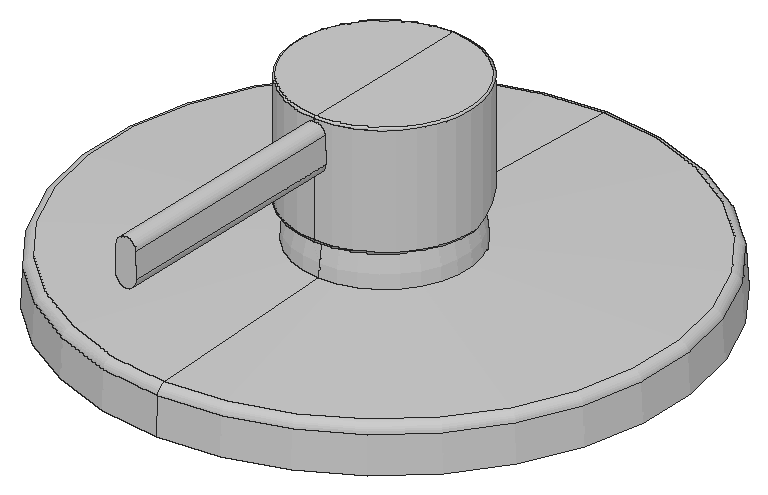
Revit family "Sanitary_Taps-mixers_hansgrohe_74616XXX-Zesis-S-Single-lever-shower-mixer_concealed-installation_iBox-universal", category Plumbing Fixtures, host Face, Revit 2022
Family settings
  Host = Face
  Round Connector Dimension = Use Diameter
  Part Type = Normal
  OmniClass Number = 23.31.11.00
  OmniClass Title = Faucets
  Cut with Voids When Loaded = Yes
  Maintain Annotation Orientation = No
  Shared = No
  Room Calculation Point = No
Parameters (values of type "000 Chrome")
  Version = 1  # constant formula
  URL = "https://www.hansgrohe.com/"
  Product data url = "https://www.bimobject.com/en/hansgrohe/product/74616XXX"
  Product Page URL = "https://www.hansgrohe.com/articledetail--74616000"
  Model = "74616XXX"  # constant formula
  Material 1 = Hansgrohe - Metal - 000 Chrome
  Manufacturer = "Hansgrohe"  # constant formula
  Description = "Zesis S Single lever shower mixer for concealed installation for iBox universal"  # constant formula
  Default Elevation = 0 mm
  Date Updated = ""
  Date Created = "2024/12/16"  # constant formula
Types (3, lengths in mm): name | Material 1
  (no name) | Hansgrohe - Metal - 000 Chrome
  000 Chrome | Hansgrohe - Metal - 000 Chrome
  670 Matt Black | Hansgrohe - Metal - 670 Matt Black
Reference planes
  plane 1 "Center (Front/Back)": y = 0
  plane 2: z = 0
  plane 3 "Center (Left/Right)": x = 0
Forms (mm)
  Revolve 1, solid, material "Hansgrohe - Metal - 000 Chrome" <- "Material 1", detail levels fine
    sketch origin (0, 0, 0) x (0, 1, 0) y (0, 0, 1)
      loop
        line (0, 0) -> (74.941, 0) -> (74.448, 9.406)
        arc (74.448, 9.406) -> (73.752, 11.01) -> (72.175, 11.765) r 2.5
        arc (72.175, 11.765) -> (36.124, 14.191) -> (0, 15) r 806.803
        line (0, 15) -> (0, 0)
      axis (0, 15) -> (0, 0)
    angle from 0 to 360
  Revolve 2, solid, material "Hansgrohe - Metal - 000 Chrome" <- "Material 1", detail levels fine
    sketch origin (0, 34.048, -4) x (0, 1, 0) y (0, 0, 1)
      loop
        line (-34.048, 8.388) -> (-12.298, 8.388) -> (-12.298, 15.388)
        arc (-12.298, 15.388) -> (-13.657, 25.86) -> (-17.645, 35.638) r 41.02
        line (-17.645, 35.638) -> (-34.048, 35.638) -> (-34.048, 8.388)
      axis (-34.048, 35.638) -> (-34.048, 8.388)
    angle from 0 to 360
  Extrusion 3, void
    sketch origin (0, 34.048, -4) x (0, 1, 0) y (0, 0, 1)
      loop
        line (0, 37.41) -> (-39.523, 25.326) -> (0, 25.326) -> (0, 37.41)
    from -25 to 25
  Revolve 4, solid, material "Hansgrohe - Metal - 000 Chrome" <- "Material 1", detail levels fine
    sketch origin (0, 34.048, -4) x (0, 1, 0) y (0, 0, 1)
      loop
        line (-34.048, 27) -> (-11.548, 27)
        arc (-11.548, 27) -> (-11.194, 27.146) -> (-11.048, 27.5) r 0.5
        line (-11.048, 27.5) -> (-11.048, 56.138)
        arc (-11.048, 56.138) -> (-11.194, 56.492) -> (-11.548, 56.638) r 0.5
        line (-11.548, 56.638) -> (-34.048, 56.638) -> (-34.048, 27)
      axis (-34.048, 56.638) -> (-34.048, 27)
    angle from 0 to 360
  Sweep 5, solid, material "Hansgrohe - Metal - 000 Chrome" <- "Material 1", detail levels fine
    path origin (0, 34.048, -4) x (0, 1, 0) y (0, 0, 1)
      loop
        line (-118.95, 49.596) -> (-33.95, 49.596)
    profile origin (0, -84.902, 45.596) x (0, 0, 1) y (1, 0, 0)
      loop
        line (-3.298, -2.749) -> (3.315, -2.634)
        arc (3.315, -2.634) -> (5.904, 0) -> (3.315, 2.634) r 2.634
        line (3.315, 2.634) -> (-3.298, 2.749)
        arc (-3.298, 2.749) -> (-6.096, 0) -> (-3.298, -2.749) r 2.75
  Revolve 6, solid, material "Hansgrohe - Metal - 000 Chrome" <- "Material 1", detail levels coarse+medium
    sketch origin (0, 0, 0) x (0, 1, 0) y (0, 0, 1)
      loop
        line (0, 0) -> (74.941, 0) -> (74.941, 15) -> (0, 15) -> (0, 0)
      axis (0, 15) -> (0, 0)
    angle from 0 to 360
  Revolve 7, solid, material "Hansgrohe - Metal - 000 Chrome" <- "Material 1", detail levels medium
    sketch origin (0, 34.048, -4) x (0, 1, 0) y (0, 0, 1)
      loop
        line (-34.048, 8.388) -> (-12.301, 8.388) -> (-12.301, 27) -> (-11.048, 27) -> (-11.048, 56.638) -> (-34.048, 56.638) -> (-34.048, 8.388)
      axis (-34.048, 56.638) -> (-34.048, 8.388)
    angle from 0 to 360
  Sweep 8, solid, material "Hansgrohe - Metal - 000 Chrome" <- "Material 1", detail levels coarse+medium
    path origin (0, 34.048, -4) x (0, 1, 0) y (0, 0, 1)
      loop
        line (-118.95, 49.596) -> (-33.95, 49.596)
    profile origin (0, -84.902, 45.596) x (0, 0, 1) y (1, 0, 0)
      loop
        line (-6.096, -2.749) -> (5.904, -2.749) -> (5.904, 2.749) -> (-6.096, 2.749) -> (-6.096, -2.749)
  Revolve 9, solid, material "Hansgrohe - Metal - 000 Chrome" <- "Material 1", detail levels coarse
    sketch origin (0, 34.048, -4) x (0, 1, 0) y (0, 0, 1)
      loop
        line (-34.048, 8.388) -> (-11.048, 8.388) -> (-11.048, 56.638) -> (-34.048, 56.638) -> (-34.048, 8.388)
      axis (-34.048, 56.638) -> (-34.048, 8.388)
    angle from 0 to 360
Cuts and joins
  Extrusion 3 cuts Revolve 4
  joined: Revolve 2, Revolve 4, Sweep 5
Lines and regions (mm)
  Masking region 1
    outline origin (0, 0, 0) x (0, 1, 0) y (0, 0, 1)
      loop
        arc (21.615, 14.71) -> (20.416, 21.766) -> (18.008, 28.506) r 41.02
        line (18.008, 28.506) -> (23, 30.032) -> (23, 52.138)
        arc (23, 52.138) -> (22.854, 52.492) -> (22.5, 52.638) r 0.5
        line (22.5, 52.638) -> (0, 52.638) -> (-23, 52.638) -> (-23, 51.5) -> (-84.902, 51.5) -> (-84.902, 39.5) -> (-23, 39.5) -> (-23, 22.995) -> (-20.074, 22.995)
        arc (-20.074, 22.995) -> (-21.058, 18.893) -> (-21.615, 14.71) r 41.02
        arc (-21.615, 14.71) -> (-46.918, 13.635) -> (-72.175, 11.765) r 806.803
        arc (-72.175, 11.765) -> (-73.752, 11.01) -> (-74.448, 9.406) r 2.5
        line (-74.448, 9.406) -> (-74.941, 0) -> (0, 0) -> (74.941, 0) -> (74.448, 9.406)
        arc (74.448, 9.406) -> (73.752, 11.01) -> (72.175, 11.765) r 2.5
        arc (72.175, 11.765) -> (46.918, 13.635) -> (21.615, 14.71) r 806.803
  Masking region 2
    outline origin (0, 0, 0) x (1, 0, 0) y (0, 0, 1)
      loop
        line (0, 52.638) -> (-22.5, 52.638)
        arc (-22.5, 52.638) -> (-22.854, 52.492) -> (-23, 52.138) r 0.5
        line (-23, 52.138) -> (-23, 23.5)
        arc (-23, 23.5) -> (-22.854, 23.146) -> (-22.5, 23) r 0.5
        line (-22.5, 23) -> (-20.072, 23)
        arc (-20.072, 23) -> (-21.057, 18.895) -> (-21.615, 14.71) r 41.02
        arc (-21.615, 14.71) -> (-46.918, 13.635) -> (-72.175, 11.765) r 806.803
        arc (-72.175, 11.765) -> (-73.752, 11.01) -> (-74.448, 9.406) r 2.5
        line (-74.448, 9.406) -> (-74.941, 0) -> (0, 0) -> (74.941, 0) -> (74.448, 9.406)
        arc (74.448, 9.406) -> (73.752, 11.01) -> (72.175, 11.765) r 2.5
        arc (72.175, 11.765) -> (46.918, 13.635) -> (21.615, 14.71) r 806.803
        arc (21.615, 14.71) -> (21.057, 18.895) -> (20.072, 23) r 41.02
        line (20.072, 23) -> (22.5, 23)
        arc (22.5, 23) -> (22.854, 23.146) -> (23, 23.5) r 0.5
        line (23, 23.5) -> (23, 52.138)
        arc (23, 52.138) -> (22.854, 52.492) -> (22.5, 52.638) r 0.5
        line (22.5, 52.638) -> (0, 52.638)
  Masking region 3
    outline origin (0, 0, 0) x (1, 0, 0) y (0, 1, 0)
      loop
        arc (2.75, -74.891) -> (0, 74.941) -> (-2.75, -74.891) r 74.941
        line (-2.75, -74.891) -> (-2.75, -84.902) -> (2.75, -84.902) -> (2.75, -74.891)
  symbolic lines, detail levels medium+fine
    curve 1: line (0, -0.015, 22.995) -> (0, -20.074, 22.995)
    curve 2: line (0, 18.008, 28.506) -> (0, -0.015, 22.995)
    curve 3: line (0, -23, 39.5) -> (0, -23, 51.5)
    curve 4: arc (0, -21.615, 14.71) -> (0, 0, 15) -> (0, 21.615, 14.71) r 806.803
    curve 5: circle (0, 0, 0) r 23 normal (0, 0, 1)
    curve 6: line (-2.75, -74.936, 0) -> (-2.75, -22.835, 0)
    curve 7: line (2.75, -74.891, 0) -> (2.75, -22.835, 0)
    curve 8: spline (0, 0, 30.045) -> (2.925, 0, 29.972) -> (5.795, 0, 29.792) -> (8.566, 0, 29.51) -> (11.195, 0, 29.128) -> (13.64, 0, 28.653) -> (15.863, 0, 28.092) -> (17.829, 0, 27.455) -> (19.508, 0, 26.751) -> (20.873, 0, 25.991) -> (21.902, 0, 25.188) -> (22.58, 0, 24.353) -> (22.896, 0, 23.499)
    curve 9: spline (20.051, 0, 23) -> (19.71, 0, 23.729) -> (19.064, 0, 24.44) -> (18.123, 0, 25.123) -> (16.901, 0, 25.766) -> (15.417, 0, 26.36) -> (13.693, 0, 26.896) -> (11.756, 0, 27.366) -> (9.636, 0, 27.763) -> (7.365, 0, 28.08) -> (4.977, 0, 28.312) -> (2.51, 0, 28.457) -> (0, 0, 28.512)
    curve 10: arc (21.615, 0, 14.71) -> (0, 0, 15) -> (-21.615, 0, 14.71) r 806.803
    curve 11: spline (0, 0, 30.045) -> (-2.925, 0, 29.972) -> (-5.795, 0, 29.792) -> (-8.566, 0, 29.51) -> (-11.195, 0, 29.128) -> (-13.64, 0, 28.653) -> (-15.863, 0, 28.092) -> (-17.829, 0, 27.455) -> (-19.508, 0, 26.751) -> (-20.873, 0, 25.991) -> (-21.902, 0, 25.188) -> (-22.58, 0, 24.353) -> (-22.896, 0, 23.499)
    curve 12: spline (-20.051, 0, 23) -> (-19.71, 0, 23.729) -> (-19.064, 0, 24.44) -> (-18.123, 0, 25.123) -> (-16.901, 0, 25.766) -> (-15.417, 0, 26.36) -> (-13.693, 0, 26.896) -> (-11.756, 0, 27.366) -> (-9.636, 0, 27.763) -> (-7.365, 0, 28.08) -> (-4.977, 0, 28.312) -> (-2.51, 0, 28.457) -> (0, 0, 28.512)
Dimensions and locks
  aligned and locked: plane 2 to host face
  aligned and locked: level to host face
